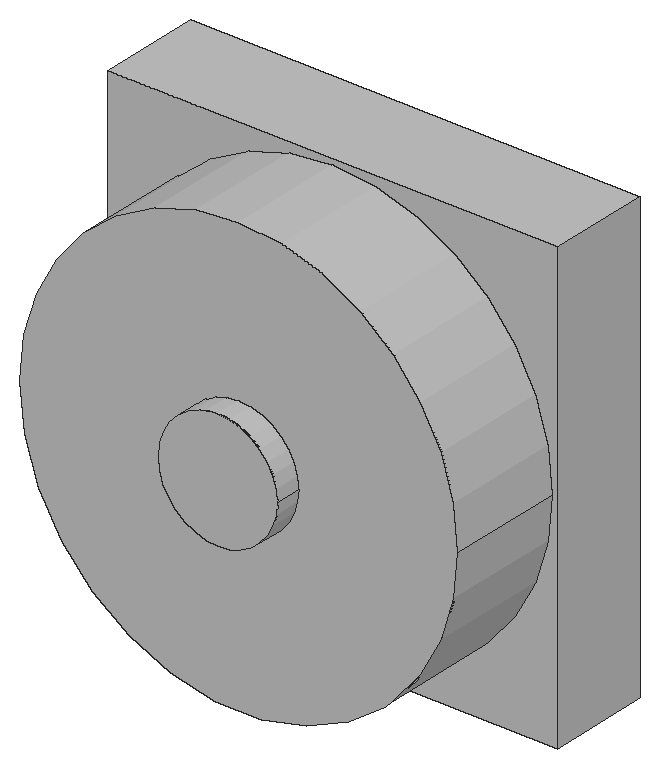
Revit family "eg-50_60etxc2_ftxc2-fq_50Hz", category 機械設備, Revit 2019
Family settings
  丸型コネクタ寸法 = 直径を使用
  パーツ タイプ = 標準
  OmniClass 番号 = 23.75.35.21.17
  OmniClass タイトル = Industrial Ventilating Equipment
  作業面ベース = いいえ
  常に垂直 = はい
  ロード時にボイドで切り取り = はい
  共有 = いいえ
  部屋計算ポイント = はい
Parameters (values of type "EG-50ETXC2-FQ_200V")
  騒音レベル(dB(A)) [instance] = 52
  風量 [instance] = 設計風量  # 0.0 m³/h
  電源種別 [instance] = ""
  電圧 = 200 V
  電動機出力 = 400 W
  電動機_種別 [instance] = ""
  運転質量 = 0.00 kg
  連動 [instance] = ""
  質量 = if(製品質量 > 運転質量, 製品質量, 運転質量) * 1.2  # 36.00 kg
  負荷分類 = 3_ファン類
  説明 = "産業用有圧換気扇 低騒音形ステンレスタイプ オールステンレス高耐食タイプ 給気専用"
  設計風量 [instance] = 0.0 m³/h
  設置方法 = "壁付"
  記号 [instance] = ""
  製造元 = "三菱電機株式会社"
  製品質量 = 30.00 kg
  製品出荷対象 = "国内"
  製品リリース年月 = "2022年6月1日"
  製品グループ = ""
  羽根径 = "∅500"
  レグ_Depth = 303.9 mm
  系統 [instance] = ""
  符号 [instance] = if(☑給気／□排気, "FS", "FE")  # "FS"
  積算_科目 = ""
  積算_拾い区分 [instance] = ""
  相 = 3
  盤記号 [instance] = ""
  盤工事区分 = ""
  発停方法 [instance] = ""
  特殊仕様 [instance] = ""
  火災停止 [instance] = ""
  消費電力 = 223 W
  法定耐用年数 = "15"
  極数 = 3
  極 = 6
  材質 [instance] = ""
  操作・制御方式 = ""
  操作・制御スイッチ = ""
  排気量 [instance] = if(☑給気／□排気, 0.0 m³/h, 設計風量)  # 0.0 m³/h
  形式 = ""
  幹線記号 [instance] = ""
  対象室 [instance] = ""
  実風量 [instance] = 0.0 m³/h
  始動方式 [instance] = "直入"
  外気量 [instance] = if(☑給気／□排気, 設計風量, 0.0 m³/h)  # 0.0 m³/h
  呼称 = "有圧扇"
  周波数 = 50 Hz
  参照している仕様書等のバージョン = ""
  分類コード = "50052503100110"
  分類グループ = ""
  価格 = 883000
  企業コード = "108420"
  付属品_防振装置 = ""
  付属品 [instance] = ""
  仕様書バージョン = "Version1.0"
  レグ_Width = 413 mm
  レグ_Height = 413 mm
  モーター径 = 164 mm
  モデル = "EG-50ETXC2-FQ"
  フレームの厚さ = 142 mm
  ファンの種類 = "軸流羽根"
  コメント [instance] = ""
  Keynote = ""
  オリフィス_Depth = 70 mm
  ☑給気／□排気 [instance] = yes
  Width = 620 mm
  Version = ""
  Uniclass2015Version = "Systems v1.9"
  Uniclass2015Title = "Propeller fans"
  Uniclass2015Code = "Pr_65_67_29_67"
  URL = "https://www.mitsubishielectric.co.jp/ldg/wink/ssl/displayProduct.do?pid=318593"
  SpecificationReference = ""
  SpecificationDescription = ""
  Revision = ""
  ProductInformation = ""
  OmniClassCode = "23-33 31 19 11 17"
  MIN風量 = 0.0 m³/h
  MID風量 = 0.0 m³/h
  MAX風量 = 6060.0 m³/h
  IfcTypeProduct = ""
  IfcProduct = ""
  IfcExportType = "TUBEAXIAL"
  IfcExportAs = "IfcFanType"
  Height = 620 mm
  オリフィス径 = 605 mm
  Depth = 340 mm
  Author = "三菱電機株式会社"
Types (4, lengths in mm): name | 騒音レベル(dB(A)) | 電圧 | 電動機出力 | 質量 | 製品質量 | 羽根径 | レグ_Depth | 消費電力 | 価格 | モデル | Width | URL | MAX風量 | Height | オリフィス径 | Depth
  EG-50ETXC2-FQ_200V | 52 | 200 V | 400 W | 36.00 kg | 30.00 kg | "∅500" | 303.9 | 223 W | 883000 | "EG-50ETXC2-FQ" | 620 | "https://www.mitsubishielectric.co.jp/ldg/wink/ssl/displayProduct.do?pid=318593" | 6060.0 m³/h | 620 | 605 | 340
  EG-60FTXC2-FQ_200V | 54 | 200 V | 750 W | 40.80 kg | 34.00 kg | "∅600" | 321.9 | 370 W | 1164000 | "EG-60FTXC2-FQ" | 710 | "https://www.mitsubishielectric.co.jp/ldg/wink/ssl/displayProduct.do?pid=318598" | 9420.0 m³/h | 710 | 705 | 358
  EG-50ETXC2-FQ_220V | 52 | 220 V | 400 W | 36.00 kg | 30.00 kg | "∅500" | 303.9 | 235 W | 883000 | "EG-50ETXC2-FQ" | 620 | "https://www.mitsubishielectric.co.jp/ldg/wink/ssl/displayProduct.do?pid=318593" | 6060.0 m³/h | 620 | 605 | 340
  EG-60FTXC2-FQ_220V | 55 | 220 V | 750 W | 40.80 kg | 34.00 kg | "∅600" | 321.9 | 395 W | 1164000 | "EG-60FTXC2-FQ" | 710 | "https://www.mitsubishielectric.co.jp/ldg/wink/ssl/displayProduct.do?pid=318598" | 9420.0 m³/h | 710 | 705 | 358
Reference planes
  plane 1 "中心(正面/背面)": y = 0
  plane 2: z = 0
  plane 3 "中心(左/右)": x = 0
  plane 4: z = 0
  plane 5: through (212.832, -1524, 243.759) normal (-0.6508, 0, -0.7593)
  plane 6: through (-212.884, -1524, -243.751) normal (0.6508, 0, 0.7593)
  plane 7: through (208.307, -1524, -247.63) normal (-0.6508, 0, 0.7593)
  plane 8: z = 310
  plane 9: z = -310
  plane 10 "左": x = -310
  plane 11 "右": x = 310
  plane 12 "正面": y = -340
  plane 13: y = -142
  plane 14: through (-208.307, -1524, -247.63) normal (-0.6508, 0, -0.7593)
  plane 15: y = -90
  plane 16: y = 10
  plane 17: x = -250
  plane 18: x = 250
  plane 19: y = -303.9
Forms (mm)
  Extrusion 1, solid, detail levels fine
    sketch origin (0, 0, 0) x (1, 0, 0) y (0, 1, 0)
      loop
        line (-310, 0) -> (-310, -142) -> (310, -142) -> (310, 0) -> (-310, 0)
    from -310 to 310
  Extrusion 2, solid, detail levels fine
    sketch origin (140, -23.659, 0) x (-1, 0, 0) y (0, 0, -1)
      loop
        circle (140, 0) r 82
    from 280.241 to 316.341
  Extrusion 3, solid
    sketch origin (0, -153.783, 0) x (1, 0, 0) y (0, 0, 1)
      loop
        circle (0, 0) r 302.5
    from -11.783 to 150.117
Lines and regions (mm)
  Masking region 1, detail levels coarse+medium
    outline origin (0, 0, 0) x (1, 0, 0) y (0, 1, 0)
      loop
        line (-250, -340) -> (250, -340) -> (250, -90) -> (-250, -90) -> (-250, -340)
  Masking region 2, detail levels coarse+medium
    outline origin (0, 0, 0) x (1, 0, 0) y (0, 1, 0)
      loop
        line (-274, -90) -> (274, -90) -> (274, 10) -> (-274, 10) -> (-274, -90)
  symbolic lines, detail levels coarse+medium
    curve 1: circle (274, -319.9, 0) r 115 normal (0, 0, 1)
    curve 2: circle (-274, -319.9, 0) r 115 normal (0, 0, -1)
Dimensions and locks
  level to plane 4 = 0 mm
  equal spacing: plane 8, level, plane 9
  "Depth": plane 12 "正面" to plane 1 "中心(正面/背面)"  (x2)
  "Width": plane 10 "左" to plane 11 "右"
  "Height": plane 8 to plane 9
  "フレームの厚さ": plane 13 to plane 1 "中心(正面/背面)"
  plane 12 "正面" to plane 15 to plane 16 = 250 mm locked, 100 mm locked
  locked: plane 17 to plane 18 at 500
  "レグ_Depth": plane 1 "中心(正面/背面)" to plane 19
  equal spacing: plane 10 "左", plane 3 "中心(左/右)", plane 11 "右"
  "オリフィス径": diameter of Extrusion 3 sketch curve
  "モーター径": diameter of Extrusion 2 sketch curve
  aligned and locked: level to plane 2
  aligned and locked: Extrusion 1 to plane 8
  aligned and locked: plane 10 "左" to Extrusion 1
  aligned and locked: Extrusion 1 to plane 11 "右"
  aligned and locked: plane 9 to Extrusion 1
  aligned and locked: Extrusion 1 to plane 13
  aligned and locked: Extrusion 1 to plane 1 "中心(正面/背面)"  (x5)
  aligned and locked: plane 12 "正面" to Extrusion 2
  aligned and locked: plane 1 "中心(正面/背面)" to Extrusion 1  (x2)
  aligned and locked: plane 4 to Extrusion 2 sketch curve
  aligned and locked: plane 12 "正面" to Masking region 1 sketch curve
  aligned and locked: plane 17 to Masking region 1 sketch curve
  aligned and locked: plane 15 to Masking region 1 sketch curve
  aligned and locked: plane 18 to Masking region 1 sketch curve
  aligned and locked: Masking region 2 sketch curve to plane 15
  aligned and locked: plane 16 to Masking region 2 sketch curve
  aligned and locked: Extrusion 3 to Extrusion 1
  aligned and locked: plane 19 to Extrusion 2
  aligned and locked: Extrusion 3 to plane 19
Automatic sketch dimensions
  Extrusion 1 sketch curve to plane 10 "左" = 0 mm
  Extrusion 1 sketch curve to plane 11 "右" = 0 mm
  Extrusion 1 sketch curve to plane 13 = 0 mm
  plane 1 "中心(正面/背面)" to Extrusion 1 sketch curve = 0 mm
  Extrusion 3 sketch curve to level = 0 mm
  Extrusion 3 sketch curve to plane 3 "中心(左/右)" = 0 mm
  curve 2 to plane 19 = 16 mm
  curve 1 to plane 19 = 16 mm
  curve 2 to plane 10 "左" = 36 mm
  Masking region 2 sketch curve to plane 10 "左" = 36 mm
  plane 11 "右" to curve 1 = 36 mm
  plane 11 "右" to Masking region 2 sketch curve = 36 mm
  Extrusion 2 sketch curve to plane 3 "中心(左/右)" = 0 mm
  radius of curve 1 = 115 mm
  radius of curve 2 = 115 mm
Connectors
  electrical at (310, -71, 0), driven by "電圧", driven by "負荷分類", driven by "消費電力", driven by "極数"
    settings: on Extrusion 1, index 2, voltage 200 V, apparent load 223 VA, apparent load phase1 0 VA, apparent load phase2 0 VA, apparent load phase3 0 VA, power factor 1, load classification "3_ファン類", number of poles 3, system type 30, power factor state 1, is connector primary yes, connector utility no, sub classification motor no, connector description ""
